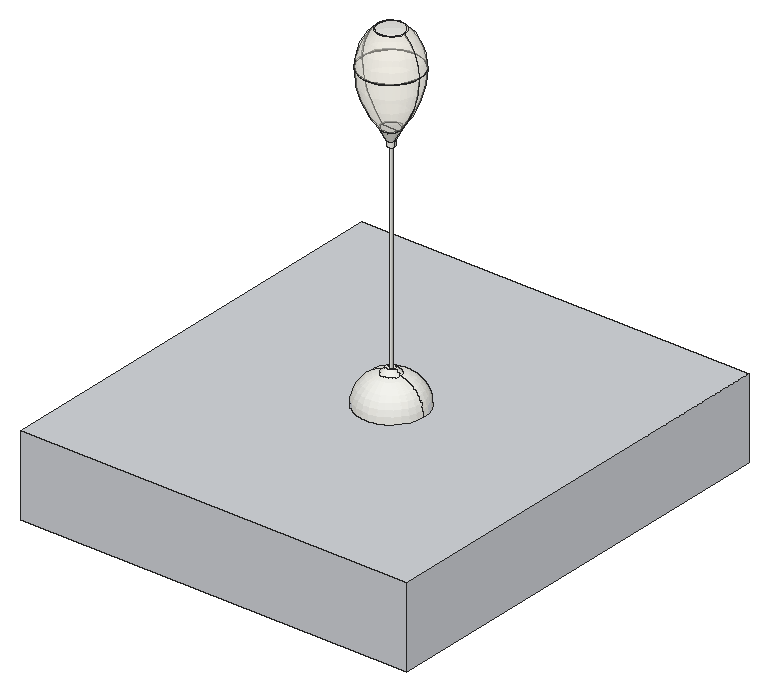
Revit family "M_Lustre - Vitreria - LED", category Luminárias, Revit 2019
Family settings
  Hospedeiro = Face
  Cota do conector redondo = Utilizar diâmetro
  Tipo de parte = Normal
  Número OmniClass = 23.80.70.11
  Título OmniClass = Luminaries for Internal Lighting
  Corte com vazios quando carregada = Não
  Fonte luminosa = Sim
  Compartilhado = Não
  Ponto de cálculo do ambiente = Não
Parameters (values of type "Padrão")
  Wattage = 60 W
  built-in parameter 1150110 = 1 (stored number, unit not read)
  Voltagem = 120 V
  Material de sombra = Aço, acabamento de pintura, marfim, com brilho
  built-in parameter 1114217 = 1 (stored number, unit not read)
  Tilt Angle = 90.00°
  built-in parameter 1150109 = 1 (stored number, unit not read)
  built-in parameter 1150134 = 3
  built-in parameter 1150113 = 1 (stored number, unit not read)
  Arquivo de rede fotométrica = "2ACLX2_20L.ies"
  Número de pólos = 1
  built-in parameter 1150105 = 709.24 (stored number, unit not read)
  Lumens = 8912.52 lm
  built-in parameter 1150115 = 1 (stored number, unit not read)
  Classificação de carga = Iluminação - Unidade de interrupção
  Altura da fonte luminosa = 50 mm
  built-in parameter 1150137 = (empty or 0)
  built-in parameter 1150139 = (empty or 0)
  Material do difusor = Vidro, Jateado
  built-in parameter 1150112 = 1 (stored number, unit not read)
  built-in parameter 1150114 = 1 (stored number, unit not read)
  Lâmpada = "LED"
  built-in parameter 1150132 = (empty or 0)
  built-in parameter 1150102 = (empty or 0)
  built-in parameter 1150107 = 3200 (stored number, unit not read)
  built-in parameter 1150138 = (empty or 0)
  built-in parameter 1150106 = 7.0924 (stored number, unit not read)
  Altura de suspensão = 380 mm
  built-in parameter 1150104 = 13.8 (stored number, unit not read)
  Troca de temperatura da cor de lâmpada com esmaecimento = <Nenhum>
  Elevação-padrão = 1200 mm
  Descrição do conector = "Ligação elétrica"
  Color Filter = 16777215
  built-in parameter 1114218 = 1 (stored number, unit not read)
  built-in parameter 1150133 = 10 (stored number, unit not read)
  Apparent Load = 60 VA
Reference planes
  plane 1 "Centro (Frente/Trás)": y = 0
  plane 2: z = 0
  plane 3 "Centro (Esquerda/Direita)": x = -0.913
  plane 4: z = 443.5
  plane 5: z = 643.525
  plane 6: z = 473.98
  plane 7: z = 63.5
  plane 8: z = 593.525
Forms (mm)
  Extrusion 1, solid
    sketch origin (0, 0, 0) x (1, 0, 0) y (0, 1, 0)
      loop
        line (-381.913, 406.4) -> (-381.913, -410.57) -> (357.017, -410.57) -> (357.017, 406.4) -> (-381.913, 406.4)
    from 0 to -152.4
  Extrusion 2, solid, material "Aço, acabamento de pintura, marfim, com brilho" <- "Material de sombra"
    sketch origin (0, 0, 0) x (0, -1, 0) y (1, 0, 0)
      loop
        circle (0, -0.913) r 2.54
    from 443.5 to 63.5
  Revolve 3, solid, material "Aço, acabamento de pintura, marfim, com brilho" <- "Material de sombra"
    sketch origin (6.781, 0, 0) x (1, 0, 0) y (0, 0, -1)
      loop
        line (54.65, 0) -> (-7.694, 0) -> (-7.694, -63.5) -> (1.414, -63.5) -> (10.018, -54.477)
        arc (10.018, -54.477) -> (42.067, -35.212) -> (54.65, 0) r 55.562
      axis (-7.694, -63.5) -> (-7.694, 0)
    angle from 0 to 360
  Revolve 4, solid, material "Aço, acabamento de pintura, marfim, com brilho" <- "Material de sombra"
    sketch origin (0, 0, 0) x (1, 0, 0) y (0, 0, 1)
      loop
        line (-0.913, 443.5) -> (5.437, 443.5) -> (5.437, 453.322) -> (17.364, 473.98) -> (-0.913, 473.98) -> (-0.913, 443.5)
      axis (-0.913, 473.98) -> (-0.913, 443.5)
    angle from 0 to 360
  Revolve 5, solid, material "Vidro, Jateado" <- "Material do difusor"
    sketch origin (0, 0, 0) x (1, 0, 0) y (0, 0, 1)
      loop
        arc (17.364, 473.98) -> (45.041, 522.189) -> (54.65, 576.941) r 160.802
        arc (54.65, 576.941) -> (47.078, 613.259) -> (25.624, 643.525) r 90.884
        line (25.624, 643.525) -> (23.058, 643.525)
        arc (23.058, 643.525) -> (45.396, 613.509) -> (53.315, 576.941) r 88.391
        arc (53.315, 576.941) -> (43.406, 521.999) -> (14.926, 473.98) r 157.267
        line (14.926, 473.98) -> (17.364, 473.98)
      axis (-0.913, 643.525) -> (-0.913, 473.98)
    angle from 0 to 360
Lines and regions (mm)
  symbolic lines
    curve 1: circle (-0.913, 0, 0) r 55.562 normal (0, 0, 1)
Dimensions and locks
  locked: plane 4 to plane 5 at 200.025
  locked: plane 4 to plane 6 at 30.48
  locked: plane 7 to plane 2 at 63.5
  "Altura de suspensão": plane 4 to plane 7
  "Altura da fonte luminosa": plane 5 to plane 8
  aligned and locked: plane 2 to Extrusion 1
  aligned and locked: level to Extrusion 1
  aligned and locked: plane 4 to Extrusion 2
  aligned and locked: Revolve 3 sketch curve to plane 3 "Centro (Esquerda/Direita)"
  aligned and locked: Revolve 3 sketch curve to plane 7
  aligned and locked: Extrusion 2 to plane 7
  aligned and locked: plane 4 to Revolve 4 sketch curve
  aligned and locked: Revolve 4 sketch curve to plane 6
  aligned and locked: Revolve 4 sketch curve to plane 3 "Centro (Esquerda/Direita)"
  aligned and locked: Revolve 5 sketch curve to plane 3 "Centro (Esquerda/Direita)"
  aligned and locked: imposter light to plane 3 "Centro (Esquerda/Direita)"
  aligned and locked: imposter light to plane 8
  aligned and locked: plane 1 "Centro (Frente/Trás)" to curve 1
  aligned and locked: plane 3 "Centro (Esquerda/Direita)" to curve 1
Automatic sketch dimensions
  Extrusion 1 sketch curve to Extrusion 1 sketch curve = 738.93 mm
  Extrusion 1 sketch curve to Extrusion 1 sketch curve = 816.97 mm
  plane 1 "Centro (Frente/Trás)" to Extrusion 2 sketch curve = 0 mm
  Extrusion 2 sketch curve to plane 3 "Centro (Esquerda/Direita)" = 0 mm
  Revolve 3 sketch curve to plane 3 "Centro (Esquerda/Direita)" = 0 mm
  Revolve 3 sketch curve to level = 0 mm
  Revolve 3 sketch curve to Revolve 3 sketch curve = 6.781 mm
  Revolve 3 sketch curve to plane 3 "Centro (Esquerda/Direita)" = 9.109 mm
  Revolve 3 sketch curve to Revolve 3 sketch curve = 55.562 mm
  Revolve 3 sketch curve to Revolve 3 sketch curve = 8.604 mm
  plane 5 to Revolve 3 sketch curve = 224.422 mm
  Revolve 3 sketch curve to Revolve 3 sketch curve = 727.239 mm
  Revolve 4 sketch curve to plane 3 "Centro (Esquerda/Direita)" = 0 mm
  plane 3 "Centro (Esquerda/Direita)" to Revolve 4 sketch curve = 6.35 mm
  plane 3 "Centro (Esquerda/Direita)" to Revolve 4 sketch curve = 18.277 mm
  Revolve 4 sketch curve to Revolve 4 sketch curve = 9.822 mm
  Revolve 4 sketch curve to level = 727.239 mm
  Revolve 5 sketch curve to plane 6 = 0 mm
  Revolve 5 sketch curve to plane 5 = 0 mm
  Revolve 5 sketch curve to plane 3 "Centro (Esquerda/Direita)" = 34.163 mm
  Revolve 5 sketch curve to Revolve 5 sketch curve = 1.158 mm
  Revolve 5 sketch curve to Revolve 5 sketch curve = 67.718 mm
  Revolve 5 sketch curve to Revolve 5 sketch curve = 2.2 mm
  plane 3 "Centro (Esquerda/Direita)" to Revolve 5 sketch curve = 15.839 mm
  Revolve 5 sketch curve to Revolve 5 sketch curve = 2.438 mm
  plane 3 "Centro (Esquerda/Direita)" to Revolve 5 sketch curve = 26.537 mm
  plane 5 to Revolve 5 sketch curve = 66.584 mm
  Revolve 5 sketch curve to Revolve 5 sketch curve = 0 mm
  Revolve 5 sketch curve to Revolve 5 sketch curve = 2.566 mm
  Revolve 5 sketch curve to level = 727.239 mm
  Revolve 4 sketch curve to plane 5 = 5576.182 mm
  Revolve 5 sketch curve to plane 5 = 5576.182 mm
  radius of Extrusion 2 sketch curve = 2.54 mm
  radius of curve 1 = 55.562 mm
Connectors
  electrical at (-0.913, 0, 0), driven by "Número de pólos", driven by "Classificação de carga", driven by "Voltagem", driven by "Apparent Load", driven by "Apparent Load"
    settings: on Revolve 3, index 1, voltage 120 V, apparent load 60 VA, apparent load phase1 60 VA, apparent load phase2 0 VA, apparent load phase3 0 VA, power factor 0.95, load classification "Iluminação - Unidade de interrupção", number of poles 1, system type 31, power factor state 1, is connector primary yes, connector utility no, sub classification motor no, connector description ""
